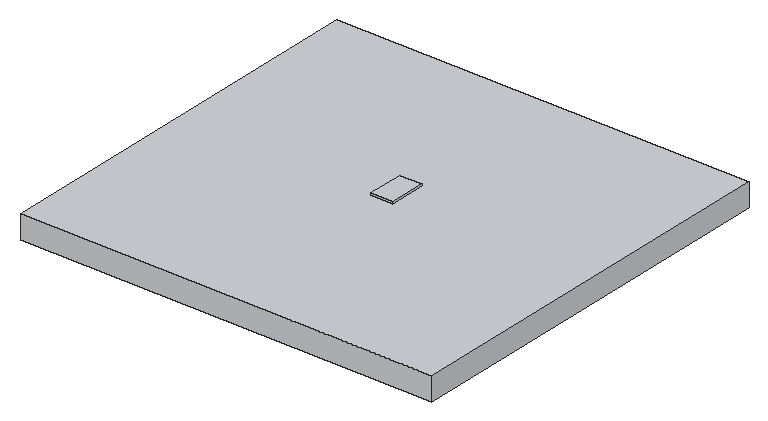
Revit family "0af98fa2e4164b9e9e25db3cc2ba8349", category Electrical Fixtures, host Face, Revit 2021
Family settings
  Host = Face
  Maintain Annotation Orientation = Yes
  Round Connector Dimension = Use Diameter
  Part Type = Normal
  OmniClass Number = 23.80.50.11.17
  OmniClass Title = Ground Fault Receptacles
  Seek Item ID = Duplex Receptacle-0000-USA-ENU
  Cut with Voids When Loaded = No
  Shared = No
  Room Calculation Point = No
Parameters (values of type "Standard")
  Switch Voltage = 120 V
  Load Classification = Receptacle
  Load = 180 VA
  Label = ""
  Default Elevation = 1' - 6"
  Assembly Code = ""
Types (2): name | Label | Default Elevation
  GFCI | "GFCI" | 4' - 0"
  Standard | "" | 1' - 6"
Reference planes (in)
  plane 1 "Center (Front/Back)": y = 0
  plane 2: z = 0
  plane 3 "Center (Left/Right)": x = 0
  plane 4: x = -1.375
  plane 5: x = 1.375
  plane 6: x = -0.75
  plane 7: x = 0.75
  plane 8: y = 2.25
  plane 9: y = -2.25
  plane 10: y = 1.5
  plane 11: y = -1.5
  plane 12 "level above": z = 0.1875
  plane 13 "level below": z = -2.125
Forms (in)
  Extrusion 1, solid
    sketch origin (0, 0, 0) x (1, 0, 0) y (0, 1, 0)
      loop
        line (-25.375, 22.5) -> (-25.375, -26.25) -> (25.375, -26.25) -> (25.375, 22.5) -> (-25.375, 22.5)
    from 0 to -2.86111
  Extrusion 2, solid
    sketch origin (0, 0, 0) x (1, 0, 0) y (0, 1, 0)
      loop
        line (-1.375, 2.25) -> (-1.375, -2.25) -> (1.375, -2.25) -> (1.375, 2.25) -> (-1.375, 2.25)
    from 0 to 0.1875
  Extrusion 3, solid
    sketch origin (0, 0, 0) x (1, 0, 0) y (0, 1, 0)
      loop
        line (-0.75, 1.5) -> (-0.75, -1.5) -> (0.75, -1.5) -> (0.75, 1.5) -> (-0.75, 1.5)
    from 0 to -2.125
Lines and regions (in)
  symbolic lines, detail levels fine
    curve 1: line (1.375, 0, 0) -> (-1.375, 0, 0)
    curve 2: line (1.375, 0, 0.1875) -> (1.375, 0, 0)
    curve 3: line (-1.375, 0, 0.1875) -> (1.375, 0, 0.1875)
    curve 4: line (-1.375, 0, 0) -> (-1.375, 0, 0.1875)
    curve 5: line (0.75, 0, -2.125) -> (-0.75, 0, -2.125)
    curve 6: line (0.75, 0, 0) -> (0.75, 0, -2.125)
    curve 7: line (-0.75, 0, -2.125) -> (-0.75, 0, 0)
Dimensions and locks (in)
  equal spacing: plane 6, plane 3 "Center (Left/Right)", plane 7, locked at 0.75 each
  locked: plane 6 to plane 7 at 1.5
  equal spacing: plane 4, plane 3 "Center (Left/Right)", plane 5, locked at 1.375 each
  locked: plane 4 to plane 5 at 2.75
  locked: plane 8 to plane 9 at 4.5
  locked: plane 12 "level above" to level at 0.1875
  locked: level to plane 13 "level below" at 2.125
  locked: plane 10 to plane 11 at 3
  equal spacing: plane 10, plane 1 "Center (Front/Back)", plane 11, locked at 1.5 each
  equal spacing: plane 8, plane 1 "Center (Front/Back)", plane 9, locked at 2.25 each
  aligned and locked: plane 2 to Extrusion 1
  aligned and locked: level to Extrusion 1
  aligned and locked: plane 8 to Extrusion 2
  aligned and locked: Extrusion 2 to plane 9
  aligned and locked: plane 5 to Extrusion 2
  aligned and locked: Extrusion 2 to plane 4
  aligned and locked: Extrusion 2 to level
  aligned and locked: plane 12 "level above" to Extrusion 2
  aligned and locked: plane 10 to Extrusion 3
  aligned and locked: Extrusion 3 to plane 6
  aligned and locked: plane 7 to Extrusion 3
  aligned and locked: Extrusion 3 to plane 11
  aligned and locked: Extrusion 3 to level
  aligned and locked: Extrusion 3 to plane 13 "level below"
  aligned and locked: plane 1 "Center (Front/Back)" to nested 1
  aligned and locked: plane 3 "Center (Left/Right)" to nested 1
  aligned and locked: curve 4 to plane 4
  aligned and locked: plane 5 to curve 2
  aligned and locked: curve 3 to plane 12 "level above"
  aligned and locked: plane 2 to curve 1
  aligned and locked: curve 7 to plane 6
  aligned and locked: plane 7 to curve 6
  aligned and locked: plane 13 "level below" to curve 5
Automatic sketch dimensions
  Extrusion 2 sketch curve to plane 4 = 0' - 0"
  Extrusion 2 sketch curve to plane 5 = 0' - 0"
  Extrusion 2 sketch curve to plane 9 = 0' - 0"
  Extrusion 2 sketch curve to plane 8 = 0' - 0"
  Extrusion 3 sketch curve to plane 6 = 0' - 0"
  Extrusion 3 sketch curve to plane 7 = 0' - 0"
  Extrusion 3 sketch curve to plane 11 = 0' - 0"
  Extrusion 3 sketch curve to plane 10 = 0' - 0"
  Extrusion 1 sketch curve to Extrusion 1 sketch curve = 4' - 2 3/4"
  Extrusion 1 sketch curve to Extrusion 1 sketch curve = 4' - 0 3/4"
Nested families (in)
  nested 1: "Duplex Annotation" at (0, 0, 0), Label <- "Label", type "Duplex Annotation", detail levels coarse+medium
    with Label ""
Connectors (in)
  electrical at (0, 1.5, -1.0625), driven by "Switch Voltage", driven by "Load", driven by "Load Classification"
    settings: on Extrusion 3, index 1, voltage 120 V, apparent load 0 VA, apparent load phase1 180 VA, apparent load phase2 0 VA, apparent load phase3 0 VA, power factor 1, load classification "Receptacle", number of poles 1, system type 31, power factor state 1, is connector primary yes, connector utility no, sub classification motor no, connector description ""
Definition of nested family "Duplex Annotation"
  Parameters
    Label [instance] = ""
  Reference planes (in)
    plane 1: y = 0
    plane 2: x = 0
  Lines and regions (in)
    detail lines
      curve 1: line (-0.01758, 0, 0) -> (-0.01758, 0.17188, 0)
      curve 2: circle (0, 0.12009, 0) r 0.05469 normal (0, 0, 1)
      curve 3: line (0.01758, 0, 0) -> (0.01758, 0.17187, 0)
  Text (in)
    label "A" at (0.03144, 0.01518, 0), shows "Label"
  Dimensions and locks (in)
    equal spacing: curve 1, plane 2, curve 3
    locked: plane 2 to curve 3 at 0.01758
    aligned and locked: plane 2 to curve 2
